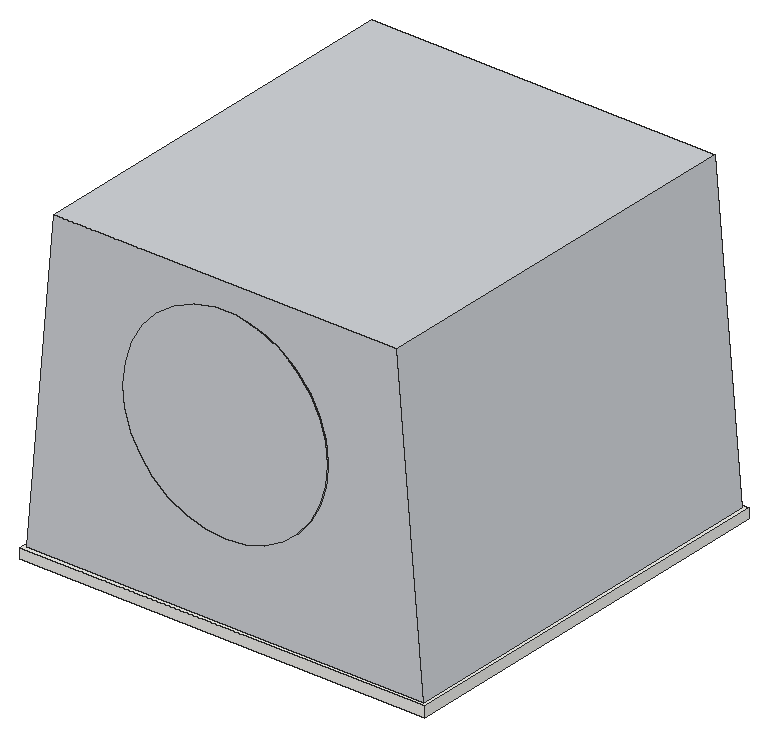
Revit family "MADEL_DIFFUSER_CONCAVE ELEMENTS_NEX-S+(BOXSTAR - BOXSTARS)– (1.D1)_0", category Air Terminals, Revit 2015 (continued)
Definition of nested family "(R) NEX-S"
  Definition of nested family "(R) NEX-S 500"
    Automatic sketch dimensions
      Extrusion 2 sketch curve to plane 4 = 27.246 mm
      Extrusion 2 sketch curve to Extrusion 2 sketch curve = 57.571 mm  (x2)
      plane 1 "Centro (Frontal/Posterior)" to Extrusion 2 sketch curve = 35.521 mm
      Extrusion 2 sketch curve to Extrusion 2 sketch curve = 23.902 mm
      Extrusion 2 sketch curve to Extrusion 2 sketch curve = 61.432 mm  (x2)
      plane 1 "Centro (Frontal/Posterior)" to Extrusion 2 sketch curve = 15.572 mm
      Extrusion 2 sketch curve to Extrusion 2 sketch curve = 4.045 mm
      Extrusion 2 sketch curve to Extrusion 2 sketch curve = 25.171 mm  (x2)
      Extrusion 2 sketch curve to plane 1 "Centro (Frontal/Posterior)" = 25.094 mm
      Extrusion 2 sketch curve to Extrusion 2 sketch curve = 26.607 mm  (x2)
      plane 1 "Centro (Frontal/Posterior)" to Extrusion 2 sketch curve = 14.419 mm
      Extrusion 2 sketch curve to Extrusion 2 sketch curve = 29.978 mm  (x2)
      Extrusion 2 sketch curve to Extrusion 2 sketch curve = 22.21 mm  (x2)
      Extrusion 2 sketch curve to Extrusion 2 sketch curve = 33.291 mm  (x2)
      Extrusion 2 sketch curve to plane 4 = 25.886 mm
      plane 1 "Centro (Frontal/Posterior)" to Extrusion 2 sketch curve = 21.986 mm
      Extrusion 2 sketch curve to plane 6 = 27.246 mm
      Extrusion 2 sketch curve to plane 6 = 25.886 mm
      Extrusion 2 sketch curve to plane 6 = 24.947 mm
      Extrusion 2 sketch curve to plane 5 = 24.947 mm
      Extrusion 2 sketch curve to plane 5 = 51.036 mm
      Extrusion 2 sketch curve to plane 5 = 55.916 mm
      plane 1 "Centro (Frontal/Posterior)" to Extrusion 2 sketch curve = 35.194 mm
      plane 1 "Centro (Frontal/Posterior)" to Extrusion 2 sketch curve = 27.279 mm
      Extrusion 2 sketch curve to plane 1 "Centro (Frontal/Posterior)" = 16.823 mm
      Extrusion 2 sketch curve to plane 1 "Centro (Frontal/Posterior)" = 27.279 mm
      Extrusion 2 sketch curve to plane 1 "Centro (Frontal/Posterior)" = 32.49 mm
      Extrusion 2 sketch curve to plane 1 "Centro (Frontal/Posterior)" = 32.73 mm
      Extrusion 2 sketch curve to Extrusion 2 sketch curve = 9.889 mm
      Extrusion 1 sketch curve to plane 7 = 24.947 mm
      Extrusion 1 sketch curve to plane 7 = 25.886 mm
      Extrusion 1 sketch curve to plane 7 = 27.246 mm
      Extrusion 1 sketch curve to Extrusion 1 sketch curve = 20.341 mm  (x2)
      Extrusion 1 sketch curve to plane 1 "Centro (Frontal/Posterior)" = 21.986 mm
      Extrusion 1 sketch curve to plane 7 = 51.036 mm
      Extrusion 1 sketch curve to Extrusion 1 sketch curve = 29.991 mm  (x2)
      Extrusion 1 sketch curve to plane 7 = 55.916 mm
      Extrusion 1 sketch curve to plane 5 = 25.886 mm
      Extrusion 1 sketch curve to Extrusion 1 sketch curve = 12.373 mm  (x2)
      Extrusion 1 sketch curve to Extrusion 1 sketch curve = 25.85 mm  (x2)
      Extrusion 1 sketch curve to Extrusion 1 sketch curve = 23.393 mm  (x2)
      Extrusion 1 sketch curve to plane 1 "Centro (Frontal/Posterior)" = 14.419 mm
      Extrusion 1 sketch curve to Extrusion 1 sketch curve = 29.03 mm  (x2)
      Extrusion 1 sketch curve to Extrusion 1 sketch curve = 25.609 mm  (x3)
      plane 1 "Centro (Frontal/Posterior)" to Extrusion 1 sketch curve = 25.094 mm
      Extrusion 1 sketch curve to Extrusion 1 sketch curve = 28.499 mm  (x3)
      Extrusion 1 sketch curve to Extrusion 1 sketch curve = 4.806 mm  (x2)
      Extrusion 1 sketch curve to Extrusion 1 sketch curve = 17.664 mm  (x2)
      Extrusion 1 sketch curve to Extrusion 1 sketch curve = 22.051 mm  (x3)
      Extrusion 1 sketch curve to Extrusion 1 sketch curve = 19.995 mm  (x3)
      Extrusion 1 sketch curve to Extrusion 1 sketch curve = 15.626 mm  (x3)
      Extrusion 1 sketch curve to Extrusion 1 sketch curve = 15.225 mm  (x3)
      Extrusion 1 sketch curve to plane 1 "Centro (Frontal/Posterior)" = 15.572 mm
      Extrusion 1 sketch curve to Extrusion 1 sketch curve = 22.365 mm  (x3)
      Extrusion 1 sketch curve to Extrusion 1 sketch curve = 39.128 mm  (x2)
      Extrusion 1 sketch curve to Extrusion 1 sketch curve = 21.252 mm  (x4)
      Extrusion 1 sketch curve to plane 1 "Centro (Frontal/Posterior)" = 35.521 mm
      Extrusion 1 sketch curve to Extrusion 1 sketch curve = 39.517 mm  (x2)
      Extrusion 1 sketch curve to Extrusion 1 sketch curve = 13.437 mm  (x4)
      Extrusion 1 sketch curve to plane 5 = 27.246 mm
      Extrusion 1 sketch curve to Extrusion 1 sketch curve = 62.379 mm  (x3)
      Extrusion 1 sketch curve to Extrusion 1 sketch curve = 45.154 mm
      Extrusion 1 sketch curve to Extrusion 1 sketch curve = 23.893 mm  (x3)
      plane 1 "Centro (Frontal/Posterior)" to Extrusion 1 sketch curve = 32.73 mm
      Extrusion 1 sketch curve to plane 3 "Centro (Izquierda/Derecha)" = 56.064 mm
      Extrusion 1 sketch curve to plane 3 "Centro (Izquierda/Derecha)" = 47.731 mm
      Extrusion 1 sketch curve to plane 3 "Centro (Izquierda/Derecha)" = 45.42 mm
      Extrusion 1 sketch curve to Extrusion 1 sketch curve = 9.9 mm  (x3)
      Extrusion 1 sketch curve to plane 3 "Centro (Izquierda/Derecha)" = 35.194 mm
      Extrusion 1 sketch curve to Extrusion 1 sketch curve = 0.728 mm  (x2)
      Extrusion 1 sketch curve to plane 3 "Centro (Izquierda/Derecha)" = 32.73 mm
      Extrusion 1 sketch curve to Extrusion 1 sketch curve = 28.119 mm  (x3)
      Extrusion 1 sketch curve to plane 3 "Centro (Izquierda/Derecha)" = 27.279 mm
      Extrusion 1 sketch curve to plane 3 "Centro (Izquierda/Derecha)" = 25.094 mm
      Extrusion 1 sketch curve to plane 3 "Centro (Izquierda/Derecha)" = 21.986 mm
      Extrusion 1 sketch curve to plane 3 "Centro (Izquierda/Derecha)" = 16.823 mm
      Extrusion 1 sketch curve to plane 3 "Centro (Izquierda/Derecha)" = 15.572 mm
      Extrusion 1 sketch curve to plane 3 "Centro (Izquierda/Derecha)" = 14.419 mm
      plane 3 "Centro (Izquierda/Derecha)" to Extrusion 1 sketch curve = 14.419 mm
      plane 3 "Centro (Izquierda/Derecha)" to Extrusion 1 sketch curve = 15.572 mm
      plane 3 "Centro (Izquierda/Derecha)" to Extrusion 1 sketch curve = 16.823 mm
      plane 3 "Centro (Izquierda/Derecha)" to Extrusion 1 sketch curve = 21.986 mm
      plane 3 "Centro (Izquierda/Derecha)" to Extrusion 1 sketch curve = 25.094 mm
      plane 3 "Centro (Izquierda/Derecha)" to Extrusion 1 sketch curve = 27.279 mm
      plane 3 "Centro (Izquierda/Derecha)" to Extrusion 1 sketch curve = 32.49 mm
      plane 3 "Centro (Izquierda/Derecha)" to Extrusion 1 sketch curve = 32.73 mm
      Extrusion 1 sketch curve to Extrusion 1 sketch curve = 9.372 mm  (x2)
      plane 3 "Centro (Izquierda/Derecha)" to Extrusion 1 sketch curve = 35.521 mm
      Extrusion 1 sketch curve to Extrusion 1 sketch curve = 33.312 mm  (x2)
      Extrusion 1 sketch curve to Extrusion 1 sketch curve = 39.241 mm  (x2)
      Extrusion 1 sketch curve to Extrusion 1 sketch curve = 41.883 mm
      Extrusion 1 sketch curve to plane 4 = 27.246 mm
      Extrusion 1 sketch curve to Extrusion 1 sketch curve = 57.571 mm  (x2)
      plane 1 "Centro (Frontal/Posterior)" to Extrusion 1 sketch curve = 35.521 mm
      Extrusion 1 sketch curve to Extrusion 1 sketch curve = 23.902 mm
      Extrusion 1 sketch curve to Extrusion 1 sketch curve = 61.432 mm  (x2)
      plane 1 "Centro (Frontal/Posterior)" to Extrusion 1 sketch curve = 15.572 mm
      Extrusion 1 sketch curve to Extrusion 1 sketch curve = 4.045 mm
      Extrusion 1 sketch curve to Extrusion 1 sketch curve = 25.171 mm  (x2)
      Extrusion 1 sketch curve to plane 1 "Centro (Frontal/Posterior)" = 25.094 mm
      Extrusion 1 sketch curve to Extrusion 1 sketch curve = 26.607 mm  (x2)
      plane 1 "Centro (Frontal/Posterior)" to Extrusion 1 sketch curve = 14.419 mm
      Extrusion 1 sketch curve to Extrusion 1 sketch curve = 29.978 mm  (x2)
      Extrusion 1 sketch curve to Extrusion 1 sketch curve = 22.21 mm  (x2)
      Extrusion 1 sketch curve to Extrusion 1 sketch curve = 33.291 mm  (x2)
      Extrusion 1 sketch curve to plane 4 = 25.886 mm
      plane 1 "Centro (Frontal/Posterior)" to Extrusion 1 sketch curve = 21.986 mm
      Extrusion 1 sketch curve to plane 6 = 27.246 mm
      Extrusion 1 sketch curve to plane 6 = 25.886 mm
      Extrusion 1 sketch curve to plane 6 = 24.947 mm
      Extrusion 1 sketch curve to plane 5 = 24.947 mm
      Extrusion 1 sketch curve to plane 5 = 51.036 mm
      Extrusion 1 sketch curve to plane 5 = 55.916 mm
      plane 1 "Centro (Frontal/Posterior)" to Extrusion 1 sketch curve = 35.194 mm
      plane 1 "Centro (Frontal/Posterior)" to Extrusion 1 sketch curve = 27.279 mm
      Extrusion 1 sketch curve to plane 1 "Centro (Frontal/Posterior)" = 16.823 mm
      Extrusion 1 sketch curve to plane 1 "Centro (Frontal/Posterior)" = 27.279 mm
      Extrusion 1 sketch curve to plane 1 "Centro (Frontal/Posterior)" = 32.49 mm
      Extrusion 1 sketch curve to plane 1 "Centro (Frontal/Posterior)" = 32.73 mm
      Extrusion 1 sketch curve to Extrusion 1 sketch curve = 9.889 mm
  Definition of nested family "(R) NEX-S 400"
    Parameters (values of type "400")
      Material Rejilla = none
      Material Aletas = none
      E = 395.0 mm
    Reference planes
      plane 1 "Centro (Frontal/Posterior)": y = 0
      plane 2: z = 0
      plane 3 "Centro (Izquierda/Derecha)": x = 0
      plane 4: y = 197.5
      plane 5: y = -197.5
      plane 6: x = 197.5
      plane 7: x = -197.5
      plane 8: z = 10
      plane 9: z = 30
    Forms (mm)
      Extrusion 1, solid, material <- "Material Rejilla"
        sketch origin (0, 0, 0) x (1, 0, 0) y (0, 1, 0)
          loop
            line (-197.5, 197.5) -> (-197.5, -197.5) -> (197.5, -197.5) -> (197.5, 197.5) -> (-197.5, 197.5)
          loop
            line (-160.828, -32.835) -> (-102.684, -20.903)
            arc (-102.684, -20.903) -> (-136.906, -1.777) -> (-160.828, -32.835) r 30
          loop
            line (-74.962, -55.308) -> (-27.247, -20.004)
            arc (-27.247, -20.004) -> (-66.339, -17.065) -> (-74.962, -55.308) r 30
          loop
            line (-164.855, -92.651) -> (-113.194, -63.426)
            arc (-113.194, -63.426) -> (-151.637, -55.744) -> (-164.855, -92.651) r 30
          loop
            line (-8.609, -105.453) -> (-3.743, -46.297)
            arc (-3.743, -46.297) -> (-31.704, -73.775) -> (-8.609, -105.453) r 30
          loop
            line (-87.953, -120.233) -> (-53.062, -72.215)
            arc (-53.062, -72.215) -> (-91.229, -81.167) -> (-87.953, -120.233) r 30
          loop
            line (-148.41, -168.001) -> (-110.494, -122.334)
            arc (-110.494, -122.334) -> (-149.159, -128.805) -> (-148.41, -168.001) r 30
          loop
            line (-43.135, -169.386) -> (-28.371, -111.896)
            arc (-28.371, -111.896) -> (-60.562, -134.27) -> (-43.135, -169.386) r 30
          loop
            line (-32.835, 160.828) -> (-20.903, 102.684)
            arc (-20.903, 102.684) -> (-1.777, 136.906) -> (-32.835, 160.828) r 30
          loop
            line (-55.308, 74.962) -> (-20.004, 27.247)
            arc (-20.004, 27.247) -> (-17.065, 66.339) -> (-55.308, 74.962) r 30
          loop
            line (-92.651, 164.855) -> (-63.426, 113.194)
            arc (-63.426, 113.194) -> (-55.744, 151.637) -> (-92.651, 164.855) r 30
          loop
            line (-105.453, 8.609) -> (-46.297, 3.743)
            arc (-46.297, 3.743) -> (-73.775, 31.704) -> (-105.453, 8.609) r 30
          loop
            line (-120.233, 87.953) -> (-72.215, 53.062)
            arc (-72.215, 53.062) -> (-81.167, 91.229) -> (-120.233, 87.953) r 30
          loop
            line (-168.001, 148.41) -> (-122.334, 110.494)
            arc (-122.334, 110.494) -> (-128.805, 149.159) -> (-168.001, 148.41) r 30
          loop
            line (-169.386, 43.135) -> (-111.896, 28.371)
            arc (-111.896, 28.371) -> (-134.27, 60.562) -> (-169.386, 43.135) r 30
          loop
            line (160.828, 32.835) -> (102.684, 20.903)
            arc (102.684, 20.903) -> (136.906, 1.777) -> (160.828, 32.835) r 30
          loop
            line (74.962, 55.308) -> (27.247, 20.004)
            arc (27.247, 20.004) -> (66.339, 17.065) -> (74.962, 55.308) r 30
          loop
            line (164.855, 92.651) -> (113.194, 63.426)
            arc (113.194, 63.426) -> (151.637, 55.744) -> (164.855, 92.651) r 30
          loop
            line (8.609, 105.453) -> (3.743, 46.297)
            arc (3.743, 46.297) -> (31.704, 73.775) -> (8.609, 105.453) r 30
          loop
            line (87.953, 120.233) -> (53.062, 72.215)
            arc (53.062, 72.215) -> (91.229, 81.167) -> (87.953, 120.233) r 30
          loop
            line (148.41, 168.001) -> (110.494, 122.334)
            arc (110.494, 122.334) -> (149.159, 128.805) -> (148.41, 168.001) r 30
          loop
            line (43.135, 169.386) -> (28.371, 111.896)
            arc (28.371, 111.896) -> (60.562, 134.27) -> (43.135, 169.386) r 30
          loop
            line (32.835, -160.828) -> (20.903, -102.684)
            arc (20.903, -102.684) -> (1.777, -136.906) -> (32.835, -160.828) r 30
          loop
            line (55.308, -74.962) -> (20.004, -27.247)
            arc (20.004, -27.247) -> (17.065, -66.339) -> (55.308, -74.962) r 30
          loop
            line (92.651, -164.855) -> (63.426, -113.194)
            arc (63.426, -113.194) -> (55.744, -151.637) -> (92.651, -164.855) r 30
          loop
            line (105.453, -8.609) -> (46.297, -3.743)
            arc (46.297, -3.743) -> (73.775, -31.704) -> (105.453, -8.609) r 30
          loop
            line (120.233, -87.953) -> (72.215, -53.062)
            arc (72.215, -53.062) -> (81.167, -91.229) -> (120.233, -87.953) r 30
          loop
            line (168.001, -148.41) -> (122.334, -110.494)
            arc (122.334, -110.494) -> (128.805, -149.159) -> (168.001, -148.41) r 30
          loop
            line (169.386, -43.135) -> (111.896, -28.371)
            arc (111.896, -28.371) -> (134.27, -60.562) -> (169.386, -43.135) r 30
        from 0 to 10
      Extrusion 2, solid, material <- "Material Aletas"
        sketch origin (0, 0, 0) x (1, 0, 0) y (0, 1, 0)
          loop
            line (-160.828, -32.835) -> (-102.684, -20.903)
            arc (-102.684, -20.903) -> (-136.906, -1.777) -> (-160.828, -32.835) r 30
          loop
            line (-74.962, -55.308) -> (-27.247, -20.004)
            arc (-27.247, -20.004) -> (-66.339, -17.065) -> (-74.962, -55.308) r 30
          loop
            line (-164.855, -92.651) -> (-113.194, -63.426)
            arc (-113.194, -63.426) -> (-151.637, -55.744) -> (-164.855, -92.651) r 30
          loop
            line (-8.732, -106.942) -> (-3.851, -47.609)
            arc (-3.851, -47.609) -> (-32.471, -75.122) -> (-8.732, -106.942) r 30
          loop
            line (-87.953, -120.233) -> (-53.062, -72.215)
            arc (-53.062, -72.215) -> (-91.229, -81.167) -> (-87.953, -120.233) r 30
          loop
            line (-148.41, -168.001) -> (-110.494, -122.334)
            arc (-110.494, -122.334) -> (-149.159, -128.805) -> (-148.41, -168.001) r 30
          loop
            line (-43.135, -169.386) -> (-28.371, -111.896)
            arc (-28.371, -111.896) -> (-60.562, -134.27) -> (-43.135, -169.386) r 30
          loop
            line (-32.835, 160.828) -> (-20.903, 102.684)
            arc (-20.903, 102.684) -> (-1.777, 136.906) -> (-32.835, 160.828) r 30
          loop
            line (-55.308, 74.962) -> (-20.004, 27.247)
            arc (-20.004, 27.247) -> (-17.065, 66.339) -> (-55.308, 74.962) r 30
          loop
            line (-92.651, 164.855) -> (-63.426, 113.194)
            arc (-63.426, 113.194) -> (-55.744, 151.637) -> (-92.651, 164.855) r 30
          loop
            line (-105.453, 8.609) -> (-46.297, 3.743)
            arc (-46.297, 3.743) -> (-73.775, 31.704) -> (-105.453, 8.609) r 30
          loop
            line (-120.233, 87.953) -> (-72.215, 53.062)
            arc (-72.215, 53.062) -> (-81.167, 91.229) -> (-120.233, 87.953) r 30
          loop
            line (-168.001, 148.41) -> (-122.334, 110.494)
            arc (-122.334, 110.494) -> (-128.805, 149.159) -> (-168.001, 148.41) r 30
          loop
            line (-169.386, 43.135) -> (-111.896, 28.371)
            arc (-111.896, 28.371) -> (-134.27, 60.562) -> (-169.386, 43.135) r 30
          loop
            line (160.828, 32.835) -> (102.684, 20.903)
            arc (102.684, 20.903) -> (136.906, 1.777) -> (160.828, 32.835) r 30
          loop
            line (74.962, 55.308) -> (27.247, 20.004)
            arc (27.247, 20.004) -> (66.339, 17.065) -> (74.962, 55.308) r 30
          loop
            line (164.855, 92.651) -> (113.194, 63.426)
            arc (113.194, 63.426) -> (151.637, 55.744) -> (164.855, 92.651) r 30
          loop
            line (8.609, 105.453) -> (3.743, 46.297)
            arc (3.743, 46.297) -> (31.704, 73.775) -> (8.609, 105.453) r 30
          loop
            line (87.953, 120.233) -> (53.062, 72.215)
            arc (53.062, 72.215) -> (91.229, 81.167) -> (87.953, 120.233) r 30
          loop
            line (148.41, 168.001) -> (110.494, 122.334)
            arc (110.494, 122.334) -> (149.159, 128.805) -> (148.41, 168.001) r 30
          loop
            line (43.135, 169.386) -> (28.371, 111.896)
            arc (28.371, 111.896) -> (60.562, 134.27) -> (43.135, 169.386) r 30
          loop
            line (32.835, -160.828) -> (20.903, -102.684)
            arc (20.903, -102.684) -> (1.777, -136.906) -> (32.835, -160.828) r 30
          loop
            line (55.308, -74.962) -> (20.004, -27.247)
            arc (20.004, -27.247) -> (17.065, -66.339) -> (55.308, -74.962) r 30
          loop
            line (92.651, -164.855) -> (63.426, -113.194)
            arc (63.426, -113.194) -> (55.744, -151.637) -> (92.651, -164.855) r 30
          loop
            line (105.453, -8.609) -> (46.297, -3.743)
            arc (46.297, -3.743) -> (73.775, -31.704) -> (105.453, -8.609) r 30
          loop
            line (120.233, -87.953) -> (72.215, -53.062)
            arc (72.215, -53.062) -> (81.167, -91.229) -> (120.233, -87.953) r 30
          loop
            line (168.001, -148.41) -> (122.334, -110.494)
            arc (122.334, -110.494) -> (128.805, -149.159) -> (168.001, -148.41) r 30
          loop
            line (169.386, -43.135) -> (111.896, -28.371)
            arc (111.896, -28.371) -> (134.27, -60.562) -> (169.386, -43.135) r 30
        from 0 to 30
    Dimensions and locks
      equal spacing: plane 7, plane 3 "Centro (Izquierda/Derecha)", plane 6
      "E": plane 7 to plane 6
      equal spacing: plane 5, plane 1 "Centro (Frontal/Posterior)", plane 4
      "E": plane 5 to plane 4
      locked: plane 8 to plane 2 at 10
      locked: plane 9 to plane 8 at 20
      aligned and locked: level to plane 2
      aligned and locked: Extrusion 1 to plane 8
      aligned and locked: plane 9 to Extrusion 2
      aligned and locked: Extrusion 1 to plane 2
      aligned and locked: Extrusion 2 to plane 2
    Automatic sketch dimensions
      Extrusion 2 sketch curve to plane 7 = 28.114 mm
      Extrusion 2 sketch curve to plane 7 = 29.499 mm
      Extrusion 2 sketch curve to plane 7 = 32.645 mm
      Extrusion 2 sketch curve to plane 7 = 36.672 mm
      Extrusion 2 sketch curve to plane 7 = 49.09 mm
      Extrusion 2 sketch curve to Extrusion 2 sketch curve = 20.031 mm  (x2)
      Extrusion 2 sketch curve to Extrusion 2 sketch curve = 27.654 mm  (x2)
      Extrusion 2 sketch curve to Extrusion 2 sketch curve = 27.99 mm  (x3)
      Extrusion 2 sketch curve to Extrusion 2 sketch curve = 29.953 mm  (x3)
      Extrusion 2 sketch curve to Extrusion 2 sketch curve = 22.333 mm  (x3)
      Extrusion 2 sketch curve to Extrusion 2 sketch curve = 25.635 mm  (x3)
      Extrusion 2 sketch curve to Extrusion 2 sketch curve = 2.101 mm  (x4)
      Extrusion 2 sketch curve to Extrusion 2 sketch curve = 23.671 mm  (x2)
      Extrusion 2 sketch curve to plane 1 "Centro (Frontal/Posterior)" = 28.371 mm
      Extrusion 2 sketch curve to Extrusion 2 sketch curve = 29.836 mm  (x3)
      Extrusion 2 sketch curve to Extrusion 2 sketch curve = 15.584 mm  (x3)
      Extrusion 2 sketch curve to plane 1 "Centro (Frontal/Posterior)" = 8.609 mm
      Extrusion 2 sketch curve to Extrusion 2 sketch curve = 6.443 mm  (x3)
      plane 1 "Centro (Frontal/Posterior)" to Extrusion 2 sketch curve = 20.903 mm
      Extrusion 2 sketch curve to Extrusion 2 sketch curve = 2.769 mm  (x2)
      Extrusion 2 sketch curve to Extrusion 2 sketch curve = 21.431 mm  (x3)
      Extrusion 2 sketch curve to plane 4 = 32.645 mm
      Extrusion 2 sketch curve to Extrusion 2 sketch curve = 29.683 mm  (x2)
      Extrusion 2 sketch curve to Extrusion 2 sketch curve = 22.541 mm  (x4)
      Extrusion 2 sketch curve to Extrusion 2 sketch curve = 10.795 mm  (x3)
      Extrusion 2 sketch curve to plane 1 "Centro (Frontal/Posterior)" = 1.805 mm
      Extrusion 2 sketch curve to Extrusion 2 sketch curve = 29.218 mm
      Extrusion 2 sketch curve to Extrusion 2 sketch curve = 38.232 mm  (x4)
      Extrusion 2 sketch curve to Extrusion 2 sketch curve = 26.587 mm  (x3)
      Extrusion 2 sketch curve to Extrusion 2 sketch curve = 20.993 mm  (x3)
      Extrusion 2 sketch curve to Extrusion 2 sketch curve = 18.43 mm  (x3)
      Extrusion 2 sketch curve to Extrusion 2 sketch curve = 16.908 mm  (x4)
      Extrusion 2 sketch curve to Extrusion 2 sketch curve = 21.9 mm  (x3)
      Extrusion 2 sketch curve to Extrusion 2 sketch curve = 26.466 mm  (x2)
      Extrusion 2 sketch curve to plane 1 "Centro (Frontal/Posterior)" = 3.743 mm
      Extrusion 2 sketch curve to plane 3 "Centro (Izquierda/Derecha)" = 43.135 mm
      Extrusion 2 sketch curve to Extrusion 2 sketch curve = 14.126 mm  (x3)
      Extrusion 2 sketch curve to plane 3 "Centro (Izquierda/Derecha)" = 32.835 mm
      Extrusion 2 sketch curve to Extrusion 2 sketch curve = 11.63 mm  (x2)
      Extrusion 2 sketch curve to Extrusion 2 sketch curve = 1.67 mm  (x2)
      Extrusion 2 sketch curve to plane 3 "Centro (Izquierda/Derecha)" = 28.371 mm
      Extrusion 2 sketch curve to plane 3 "Centro (Izquierda/Derecha)" = 27.247 mm
      Extrusion 2 sketch curve to plane 3 "Centro (Izquierda/Derecha)" = 20.903 mm
      Extrusion 2 sketch curve to plane 3 "Centro (Izquierda/Derecha)" = 20.004 mm
      Extrusion 2 sketch curve to plane 3 "Centro (Izquierda/Derecha)" = 8.732 mm
      Extrusion 2 sketch curve to plane 3 "Centro (Izquierda/Derecha)" = 3.851 mm
      Extrusion 2 sketch curve to plane 3 "Centro (Izquierda/Derecha)" = 2.572 mm
      plane 3 "Centro (Izquierda/Derecha)" to Extrusion 2 sketch curve = 1.805 mm
      plane 3 "Centro (Izquierda/Derecha)" to Extrusion 2 sketch curve = 3.743 mm
      plane 3 "Centro (Izquierda/Derecha)" to Extrusion 2 sketch curve = 8.609 mm
      plane 3 "Centro (Izquierda/Derecha)" to Extrusion 2 sketch curve = 20.004 mm
      plane 3 "Centro (Izquierda/Derecha)" to Extrusion 2 sketch curve = 20.903 mm
      plane 3 "Centro (Izquierda/Derecha)" to Extrusion 2 sketch curve = 27.247 mm
      Extrusion 2 sketch curve to Extrusion 2 sketch curve = 19.762 mm
      Extrusion 2 sketch curve to Extrusion 2 sketch curve = 10.262 mm  (x2)
      Extrusion 2 sketch curve to Extrusion 2 sketch curve = 3.134 mm  (x2)
      Extrusion 2 sketch curve to Extrusion 2 sketch curve = 21.177 mm  (x2)
      plane 1 "Centro (Frontal/Posterior)" to Extrusion 2 sketch curve = 3.743 mm
      Extrusion 2 sketch curve to Extrusion 2 sketch curve = 19.051 mm  (x2)
      Extrusion 2 sketch curve to Extrusion 2 sketch curve = 21.249 mm  (x2)
      Extrusion 2 sketch curve to Extrusion 2 sketch curve = 4.566 mm
      Extrusion 2 sketch curve to Extrusion 2 sketch curve = 32.261 mm  (x2)
      Extrusion 2 sketch curve to Extrusion 2 sketch curve = 13.897 mm  (x2)
      plane 1 "Centro (Frontal/Posterior)" to Extrusion 2 sketch curve = 1.805 mm
      Extrusion 2 sketch curve to Extrusion 2 sketch curve = 29.937 mm  (x2)
      Extrusion 2 sketch curve to plane 5 = 32.645 mm
      Extrusion 2 sketch curve to plane 1 "Centro (Frontal/Posterior)" = 20.903 mm
      Extrusion 2 sketch curve to Extrusion 2 sketch curve = 26.45 mm
      plane 1 "Centro (Frontal/Posterior)" to Extrusion 2 sketch curve = 8.609 mm
      plane 1 "Centro (Frontal/Posterior)" to Extrusion 2 sketch curve = 28.371 mm
      Extrusion 2 sketch curve to Extrusion 2 sketch curve = 28.19 mm  (x2)
      Extrusion 2 sketch curve to plane 6 = 29.499 mm
      Extrusion 2 sketch curve to plane 6 = 28.114 mm
      Extrusion 2 sketch curve to plane 5 = 29.499 mm
      Extrusion 2 sketch curve to plane 5 = 28.114 mm
      Extrusion 2 sketch curve to plane 5 = 36.672 mm
      Extrusion 2 sketch curve to plane 5 = 49.09 mm
      Extrusion 2 sketch curve to Extrusion 2 sketch curve = 4.954 mm
      Extrusion 2 sketch curve to Extrusion 2 sketch curve = 29.361 mm
      plane 1 "Centro (Frontal/Posterior)" to Extrusion 2 sketch curve = 43.135 mm
      plane 1 "Centro (Frontal/Posterior)" to Extrusion 2 sketch curve = 32.835 mm
      Extrusion 2 sketch curve to plane 1 "Centro (Frontal/Posterior)" = 20.004 mm
      Extrusion 2 sketch curve to plane 1 "Centro (Frontal/Posterior)" = 27.247 mm
      plane 5 to Extrusion 1 sketch curve = 0.0 mm
      Extrusion 1 sketch curve to plane 7 = 0.0 mm
      Extrusion 1 sketch curve to plane 4 = 0.0 mm
      Extrusion 1 sketch curve to plane 6 = 0.0 mm
      Extrusion 1 sketch curve to plane 7 = 28.114 mm
      Extrusion 1 sketch curve to plane 7 = 29.499 mm
      Extrusion 1 sketch curve to plane 7 = 32.645 mm
      Extrusion 1 sketch curve to plane 7 = 36.672 mm
      Extrusion 1 sketch curve to plane 7 = 49.09 mm
      Extrusion 1 sketch curve to Extrusion 1 sketch curve = 20.031 mm  (x2)
      Extrusion 1 sketch curve to Extrusion 1 sketch curve = 27.654 mm  (x2)
      Extrusion 1 sketch curve to Extrusion 1 sketch curve = 27.99 mm  (x3)
      Extrusion 1 sketch curve to Extrusion 1 sketch curve = 29.953 mm  (x3)
      Extrusion 1 sketch curve to Extrusion 1 sketch curve = 22.333 mm  (x3)
      Extrusion 1 sketch curve to Extrusion 1 sketch curve = 25.635 mm  (x3)
      Extrusion 1 sketch curve to Extrusion 1 sketch curve = 2.101 mm  (x4)
      Extrusion 1 sketch curve to Extrusion 1 sketch curve = 23.671 mm  (x2)
      Extrusion 1 sketch curve to plane 1 "Centro (Frontal/Posterior)" = 28.371 mm
      Extrusion 1 sketch curve to Extrusion 1 sketch curve = 29.836 mm  (x3)
      Extrusion 1 sketch curve to Extrusion 1 sketch curve = 15.584 mm  (x3)
      Extrusion 1 sketch curve to plane 1 "Centro (Frontal/Posterior)" = 8.609 mm
      Extrusion 1 sketch curve to Extrusion 1 sketch curve = 6.443 mm  (x4)
      plane 1 "Centro (Frontal/Posterior)" to Extrusion 1 sketch curve = 20.903 mm
      Extrusion 1 sketch curve to Extrusion 1 sketch curve = 2.769 mm  (x2)
      Extrusion 1 sketch curve to Extrusion 1 sketch curve = 21.431 mm  (x3)
      Extrusion 1 sketch curve to plane 4 = 32.645 mm
      Extrusion 1 sketch curve to Extrusion 1 sketch curve = 29.683 mm  (x2)
      Extrusion 1 sketch curve to Extrusion 1 sketch curve = 22.541 mm  (x4)
      Extrusion 1 sketch curve to Extrusion 1 sketch curve = 10.795 mm  (x3)
      Extrusion 1 sketch curve to plane 1 "Centro (Frontal/Posterior)" = 1.805 mm
      Extrusion 1 sketch curve to Extrusion 1 sketch curve = 29.218 mm  (x2)
      Extrusion 1 sketch curve to Extrusion 1 sketch curve = 38.232 mm  (x4)
      Extrusion 1 sketch curve to Extrusion 1 sketch curve = 26.587 mm  (x3)
      Extrusion 1 sketch curve to Extrusion 1 sketch curve = 20.993 mm  (x3)
      Extrusion 1 sketch curve to Extrusion 1 sketch curve = 18.43 mm  (x3)
      Extrusion 1 sketch curve to Extrusion 1 sketch curve = 16.908 mm  (x4)
      Extrusion 1 sketch curve to Extrusion 1 sketch curve = 21.9 mm  (x3)
      Extrusion 1 sketch curve to Extrusion 1 sketch curve = 26.466 mm  (x2)
      Extrusion 1 sketch curve to plane 1 "Centro (Frontal/Posterior)" = 3.743 mm
      Extrusion 1 sketch curve to plane 3 "Centro (Izquierda/Derecha)" = 43.135 mm
      Extrusion 1 sketch curve to Extrusion 1 sketch curve = 14.126 mm  (x3)
      Extrusion 1 sketch curve to plane 3 "Centro (Izquierda/Derecha)" = 32.835 mm
      Extrusion 1 sketch curve to Extrusion 1 sketch curve = 11.63 mm  (x2)
      Extrusion 1 sketch curve to Extrusion 1 sketch curve = 1.67 mm  (x2)
      Extrusion 1 sketch curve to plane 3 "Centro (Izquierda/Derecha)" = 28.371 mm
      Extrusion 1 sketch curve to plane 3 "Centro (Izquierda/Derecha)" = 27.247 mm
      Extrusion 1 sketch curve to plane 3 "Centro (Izquierda/Derecha)" = 20.903 mm
      Extrusion 1 sketch curve to plane 3 "Centro (Izquierda/Derecha)" = 20.004 mm
      Extrusion 1 sketch curve to plane 3 "Centro (Izquierda/Derecha)" = 8.609 mm
      Extrusion 1 sketch curve to plane 3 "Centro (Izquierda/Derecha)" = 3.743 mm
      Extrusion 1 sketch curve to plane 3 "Centro (Izquierda/Derecha)" = 1.805 mm
      plane 3 "Centro (Izquierda/Derecha)" to Extrusion 1 sketch curve = 1.805 mm
      plane 3 "Centro (Izquierda/Derecha)" to Extrusion 1 sketch curve = 3.743 mm
      plane 3 "Centro (Izquierda/Derecha)" to Extrusion 1 sketch curve = 8.609 mm
      plane 3 "Centro (Izquierda/Derecha)" to Extrusion 1 sketch curve = 20.004 mm
      plane 3 "Centro (Izquierda/Derecha)" to Extrusion 1 sketch curve = 20.903 mm
      plane 3 "Centro (Izquierda/Derecha)" to Extrusion 1 sketch curve = 27.247 mm
      Extrusion 1 sketch curve to Extrusion 1 sketch curve = 19.762 mm
      Extrusion 1 sketch curve to Extrusion 1 sketch curve = 10.262 mm  (x2)
      Extrusion 1 sketch curve to Extrusion 1 sketch curve = 3.134 mm  (x2)
      Extrusion 1 sketch curve to Extrusion 1 sketch curve = 21.177 mm  (x2)
      plane 1 "Centro (Frontal/Posterior)" to Extrusion 1 sketch curve = 3.743 mm
      Extrusion 1 sketch curve to Extrusion 1 sketch curve = 19.051 mm  (x2)
      Extrusion 1 sketch curve to Extrusion 1 sketch curve = 21.249 mm  (x2)
      Extrusion 1 sketch curve to Extrusion 1 sketch curve = 4.566 mm
      Extrusion 1 sketch curve to Extrusion 1 sketch curve = 32.261 mm  (x2)
      Extrusion 1 sketch curve to Extrusion 1 sketch curve = 13.897 mm  (x2)
      plane 1 "Centro (Frontal/Posterior)" to Extrusion 1 sketch curve = 1.805 mm
      Extrusion 1 sketch curve to Extrusion 1 sketch curve = 29.937 mm  (x2)
      Extrusion 1 sketch curve to plane 5 = 32.645 mm
      Extrusion 1 sketch curve to plane 1 "Centro (Frontal/Posterior)" = 20.903 mm
      Extrusion 1 sketch curve to Extrusion 1 sketch curve = 26.45 mm
      plane 1 "Centro (Frontal/Posterior)" to Extrusion 1 sketch curve = 8.609 mm
      plane 1 "Centro (Frontal/Posterior)" to Extrusion 1 sketch curve = 28.371 mm
      Extrusion 1 sketch curve to Extrusion 1 sketch curve = 28.19 mm  (x2)
      Extrusion 1 sketch curve to plane 6 = 29.499 mm
      Extrusion 1 sketch curve to plane 6 = 28.114 mm
      Extrusion 1 sketch curve to plane 5 = 28.114 mm
      Extrusion 1 sketch curve to plane 5 = 29.499 mm
      Extrusion 1 sketch curve to plane 5 = 36.672 mm
      Extrusion 1 sketch curve to plane 5 = 49.09 mm
      plane 1 "Centro (Frontal/Posterior)" to Extrusion 1 sketch curve = 43.135 mm
      plane 1 "Centro (Frontal/Posterior)" to Extrusion 1 sketch curve = 32.835 mm
      Extrusion 1 sketch curve to plane 1 "Centro (Frontal/Posterior)" = 20.004 mm
      Extrusion 1 sketch curve to plane 1 "Centro (Frontal/Posterior)" = 27.247 mm
  Definition of nested family "(R) NEX-S 600"
    Parameters (values of type "600")
      Material Rejilla = none
      Material Aletas = none
      E = 595.0 mm
    Reference planes
      plane 1 "Centro (Frontal/Posterior)": y = 0
      plane 2: z = 0
      plane 3 "Centro (Izquierda/Derecha)": x = 0
      plane 4: y = 297.5
      plane 5: y = -297.5
      plane 6: x = 297.5
      plane 7: x = -297.5
      plane 8: z = 10
      plane 9: z = 30
    Forms (mm)
      Extrusion 1, solid, material <- "Material Rejilla"
        sketch origin (0, 0, 0) x (1, 0, 0) y (0, 1, 0)
          loop
            line (-297.5, 297.5) -> (-297.5, -297.5) -> (297.5, -297.5) -> (297.5, 297.5) -> (-297.5, 297.5)
          loop
            line (-144.898, -30.484) -> (-86.84, -18.146)
            arc (-86.84, -18.146) -> (-121.193, 0.74) -> (-144.898, -30.484) r 30
          loop
            line (-215.839, -146.014) -> (-166.629, -112.825)
            arc (-166.629, -112.825) -> (-205.556, -108.184) -> (-215.839, -146.014) r 30
          loop
            line (-116.502, -250) -> (-91.415, -196.207)
            arc (-91.415, -196.207) -> (-127.172, -212.277) -> (-116.502, -250) r 30
          loop
            line (-247.5, -114.596) -> (-129.68, -59.656)
            arc (-129.68, -59.656) -> (-212.006, -36.91) -> (-247.5, -114.596) r 65.83
          loop
            line (-109.542, -156.385) -> (-34.977, -49.895)
            arc (-34.977, -49.895) -> (-117.647, -71.36) -> (-109.542, -156.385) r 65.83
          loop
            line (-32.582, -250) -> (-16.739, -120.969)
            arc (-16.739, -120.969) -> (-79.655, -178.732) -> (-32.582, -250) r 65.83
          loop
            line (-216.763, -250) -> (-131.476, -151.888)
            arc (-131.476, -151.888) -> (-215.936, -164.594) -> (-216.763, -250) r 65.83
          loop
            line (-30.484, 144.898) -> (-18.146, 86.84)
            arc (-18.146, 86.84) -> (0.74, 121.193) -> (-30.484, 144.898) r 30
          loop
            line (-146.014, 215.839) -> (-112.825, 166.629)
            arc (-112.825, 166.629) -> (-108.184, 205.556) -> (-146.014, 215.839) r 30
          loop
            line (-250, 116.502) -> (-196.207, 91.415)
            arc (-196.207, 91.415) -> (-212.277, 127.172) -> (-250, 116.502) r 30
          loop
            line (-114.596, 247.5) -> (-59.656, 129.68)
            arc (-59.656, 129.68) -> (-36.91, 212.006) -> (-114.596, 247.5) r 65.83
          loop
            line (-156.385, 109.542) -> (-49.895, 34.977)
            arc (-49.895, 34.977) -> (-71.36, 117.647) -> (-156.385, 109.542) r 65.83
          loop
            line (-250, 32.582) -> (-120.969, 16.739)
            arc (-120.969, 16.739) -> (-178.732, 79.655) -> (-250, 32.582) r 65.83
          loop
            line (-250, 216.763) -> (-151.888, 131.476)
            arc (-151.888, 131.476) -> (-164.594, 215.936) -> (-250, 216.763) r 65.83
          loop
            line (144.898, 30.484) -> (86.84, 18.146)
            arc (86.84, 18.146) -> (121.193, -0.74) -> (144.898, 30.484) r 30
          loop
            line (215.839, 146.014) -> (166.629, 112.825)
            arc (166.629, 112.825) -> (205.556, 108.184) -> (215.839, 146.014) r 30
          loop
            line (116.502, 250) -> (91.415, 196.207)
            arc (91.415, 196.207) -> (127.172, 212.277) -> (116.502, 250) r 30
          loop
            line (247.5, 114.596) -> (129.68, 59.656)
            arc (129.68, 59.656) -> (212.006, 36.91) -> (247.5, 114.596) r 65.83
          loop
            line (109.542, 156.385) -> (34.977, 49.895)
            arc (34.977, 49.895) -> (117.647, 71.36) -> (109.542, 156.385) r 65.83
          loop
            line (32.582, 250) -> (16.739, 120.969)
            arc (16.739, 120.969) -> (79.655, 178.732) -> (32.582, 250) r 65.83
          loop
            line (216.763, 250) -> (131.476, 151.888)
            arc (131.476, 151.888) -> (215.936, 164.594) -> (216.763, 250) r 65.83
          loop
            line (30.484, -144.898) -> (18.146, -86.84)
            arc (18.146, -86.84) -> (-0.74, -121.193) -> (30.484, -144.898) r 30
          loop
            line (146.014, -215.839) -> (112.825, -166.629)
            arc (112.825, -166.629) -> (108.184, -205.556) -> (146.014, -215.839) r 30
          loop
            line (250, -116.502) -> (196.207, -91.415)
            arc (196.207, -91.415) -> (212.277, -127.172) -> (250, -116.502) r 30
          loop
            line (114.596, -247.5) -> (59.656, -129.68)
            arc (59.656, -129.68) -> (36.91, -212.006) -> (114.596, -247.5) r 65.83
          loop
            line (156.385, -109.542) -> (49.895, -34.977)
            arc (49.895, -34.977) -> (71.36, -117.647) -> (156.385, -109.542) r 65.83
          loop
            line (250, -32.582) -> (120.969, -16.739)
            arc (120.969, -16.739) -> (178.732, -79.655) -> (250, -32.582) r 65.83
          loop
            line (250, -216.763) -> (151.888, -131.476)
            arc (151.888, -131.476) -> (164.594, -215.936) -> (250, -216.763) r 65.83
        from 0 to 10
      Extrusion 2, solid, material <- "Material Aletas"
        sketch origin (0, 0, 0) x (1, 0, 0) y (0, 1, 0)
          loop
            line (-144.898, -30.484) -> (-86.84, -18.146)
            arc (-86.84, -18.146) -> (-121.193, 0.74) -> (-144.898, -30.484) r 30
          loop
            line (-215.839, -146.014) -> (-166.629, -112.825)
            arc (-166.629, -112.825) -> (-205.556, -108.184) -> (-215.839, -146.014) r 30
          loop
            line (-116.502, -250) -> (-91.415, -196.207)
            arc (-91.415, -196.207) -> (-127.172, -212.277) -> (-116.502, -250) r 30
          loop
            line (-247.5, -114.596) -> (-129.68, -59.656)
            arc (-129.68, -59.656) -> (-212.006, -36.91) -> (-247.5, -114.596) r 65.83
          loop
            line (-109.542, -156.385) -> (-34.977, -49.895)
            arc (-34.977, -49.895) -> (-117.647, -71.36) -> (-109.542, -156.385) r 65.83
          loop
            line (-32.582, -250) -> (-16.739, -120.969)
            arc (-16.739, -120.969) -> (-79.655, -178.732) -> (-32.582, -250) r 65.83
          loop
            line (-216.763, -250) -> (-131.476, -151.888)
            arc (-131.476, -151.888) -> (-215.936, -164.594) -> (-216.763, -250) r 65.83
          loop
            line (-30.484, 144.898) -> (-18.146, 86.84)
            arc (-18.146, 86.84) -> (0.74, 121.193) -> (-30.484, 144.898) r 30
          loop
            line (-146.014, 215.839) -> (-112.825, 166.629)
            arc (-112.825, 166.629) -> (-108.184, 205.556) -> (-146.014, 215.839) r 30
          loop
            line (-250, 116.502) -> (-196.207, 91.415)
            arc (-196.207, 91.415) -> (-212.277, 127.172) -> (-250, 116.502) r 30
          loop
            line (-114.596, 247.5) -> (-59.656, 129.68)
            arc (-59.656, 129.68) -> (-36.91, 212.006) -> (-114.596, 247.5) r 65.83
          loop
            line (-156.385, 109.542) -> (-49.895, 34.977)
            arc (-49.895, 34.977) -> (-71.36, 117.647) -> (-156.385, 109.542) r 65.83
          loop
            line (-250, 32.582) -> (-120.969, 16.739)
            arc (-120.969, 16.739) -> (-178.732, 79.655) -> (-250, 32.582) r 65.83
          loop
            line (-250, 216.763) -> (-151.888, 131.476)
            arc (-151.888, 131.476) -> (-164.594, 215.936) -> (-250, 216.763) r 65.83
          loop
            line (144.898, 30.484) -> (86.84, 18.146)
            arc (86.84, 18.146) -> (121.193, -0.74) -> (144.898, 30.484) r 30
          loop
            line (215.839, 146.014) -> (166.629, 112.825)
            arc (166.629, 112.825) -> (205.556, 108.184) -> (215.839, 146.014) r 30
          loop
            line (116.502, 250) -> (91.415, 196.207)
            arc (91.415, 196.207) -> (127.172, 212.277) -> (116.502, 250) r 30
          loop
            line (247.5, 114.596) -> (129.68, 59.656)
            arc (129.68, 59.656) -> (212.006, 36.91) -> (247.5, 114.596) r 65.83
          loop
            line (109.542, 156.385) -> (34.977, 49.895)
            arc (34.977, 49.895) -> (117.647, 71.36) -> (109.542, 156.385) r 65.83
          loop
            line (32.582, 250) -> (16.739, 120.969)
            arc (16.739, 120.969) -> (79.655, 178.732) -> (32.582, 250) r 65.83
          loop
            line (216.763, 250) -> (131.476, 151.888)
            arc (131.476, 151.888) -> (215.936, 164.594) -> (216.763, 250) r 65.83
          loop
            line (30.484, -144.898) -> (18.146, -86.84)
            arc (18.146, -86.84) -> (-0.74, -121.193) -> (30.484, -144.898) r 30
          loop
            line (146.014, -215.839) -> (112.825, -166.629)
            arc (112.825, -166.629) -> (108.184, -205.556) -> (146.014, -215.839) r 30
          loop
            line (250, -116.502) -> (196.207, -91.415)
            arc (196.207, -91.415) -> (212.277, -127.172) -> (250, -116.502) r 30
          loop
            line (114.596, -247.5) -> (59.656, -129.68)
            arc (59.656, -129.68) -> (36.91, -212.006) -> (114.596, -247.5) r 65.83
          loop
            line (156.385, -109.542) -> (49.895, -34.977)
            arc (49.895, -34.977) -> (71.36, -117.647) -> (156.385, -109.542) r 65.83
          loop
            line (250, -32.582) -> (120.969, -16.739)
            arc (120.969, -16.739) -> (178.732, -79.655) -> (250, -32.582) r 65.83
          loop
            line (250, -216.763) -> (151.888, -131.476)
            arc (151.888, -131.476) -> (164.594, -215.936) -> (250, -216.763) r 65.83
        from 0 to 30
    Dimensions and locks
      equal spacing: plane 7, plane 3 "Centro (Izquierda/Derecha)", plane 6
      "E": plane 7 to plane 6
      equal spacing: plane 5, plane 1 "Centro (Frontal/Posterior)", plane 4
      "E": plane 5 to plane 4
      locked: plane 8 to plane 2 at 10
      locked: plane 9 to plane 8 at 20
      aligned and locked: level to plane 2
      aligned and locked: Extrusion 1 to plane 8
      aligned and locked: Extrusion 1 to plane 2
      aligned and locked: plane 6 to Extrusion 1
      aligned and locked: plane 4 to Extrusion 1
      aligned and locked: plane 7 to Extrusion 1
      aligned and locked: plane 5 to Extrusion 1
      aligned and locked: plane 9 to Extrusion 2
    Automatic sketch dimensions
      plane 5 to Extrusion 1 sketch curve = 0.0 mm
      Extrusion 1 sketch curve to plane 7 = 0.0 mm
      Extrusion 1 sketch curve to plane 4 = 0.0 mm
      Extrusion 1 sketch curve to plane 6 = 0.0 mm
      Extrusion 1 sketch curve to plane 7 = 47.5 mm  (x3)
      Extrusion 1 sketch curve to plane 7 = 50.0 mm
      Extrusion 1 sketch curve to Extrusion 1 sketch curve = 25.043 mm  (x3)
      Extrusion 1 sketch curve to plane 7 = 80.737 mm
      Extrusion 1 sketch curve to Extrusion 1 sketch curve = 31.661 mm  (x3)
      Extrusion 1 sketch curve to Extrusion 1 sketch curve = 42.218 mm  (x3)
      Extrusion 1 sketch curve to Extrusion 1 sketch curve = 28.75 mm  (x2)
      Extrusion 1 sketch curve to Extrusion 1 sketch curve = 27.057 mm  (x3)
      Extrusion 1 sketch curve to plane 1 "Centro (Frontal/Posterior)" = 14.315 mm
      Extrusion 1 sketch curve to Extrusion 1 sketch curve = 63.245 mm  (x2)
      Extrusion 1 sketch curve to Extrusion 1 sketch curve = 4.597 mm
      Extrusion 1 sketch curve to Extrusion 1 sketch curve = 17.556 mm  (x4)
      Extrusion 1 sketch curve to Extrusion 1 sketch curve = 50.51 mm  (x3)
      Extrusion 1 sketch curve to Extrusion 1 sketch curve = 39.822 mm  (x3)
      Extrusion 1 sketch curve to Extrusion 1 sketch curve = 4.498 mm  (x4)
      Extrusion 1 sketch curve to Extrusion 1 sketch curve = 61.768 mm  (x2)
      plane 1 "Centro (Frontal/Posterior)" to Extrusion 1 sketch curve = 30.484 mm
      Extrusion 1 sketch curve to Extrusion 1 sketch curve = 41.856 mm  (x3)
      Extrusion 1 sketch curve to Extrusion 1 sketch curve = 12.958 mm  (x3)
      Extrusion 1 sketch curve to Extrusion 1 sketch curve = 35.153 mm  (x2)
      plane 1 "Centro (Frontal/Posterior)" to Extrusion 1 sketch curve = 59.656 mm
      Extrusion 1 sketch curve to Extrusion 1 sketch curve = 15.218 mm  (x3)
      Extrusion 1 sketch curve to plane 1 "Centro (Frontal/Posterior)" = 16.739 mm
      Extrusion 1 sketch curve to Extrusion 1 sketch curve = 23.929 mm
      Extrusion 1 sketch curve to plane 5 = 47.5 mm  (x3)
      Extrusion 1 sketch curve to Extrusion 1 sketch curve = 49.751 mm  (x4)
      Extrusion 1 sketch curve to Extrusion 1 sketch curve = 29.941 mm  (x3)
      Extrusion 1 sketch curve to plane 4 = 50.0 mm
      Extrusion 1 sketch curve to Extrusion 1 sketch curve = 31.418 mm  (x2)
      Extrusion 1 sketch curve to Extrusion 1 sketch curve = 20.23 mm  (x3)
      Extrusion 1 sketch curve to Extrusion 1 sketch curve = 21.934 mm  (x4)
      Extrusion 1 sketch curve to Extrusion 1 sketch curve = 11.85 mm  (x2)
      Extrusion 1 sketch curve to Extrusion 1 sketch curve = 16.518 mm  (x3)
      Extrusion 1 sketch curve to Extrusion 1 sketch curve = 16.253 mm  (x3)
      Extrusion 1 sketch curve to Extrusion 1 sketch curve = 8.569 mm  (x3)
      plane 1 "Centro (Frontal/Posterior)" to Extrusion 1 sketch curve = 18.146 mm
      Extrusion 1 sketch curve to Extrusion 1 sketch curve = 28.118 mm  (x3)
      Extrusion 1 sketch curve to plane 3 "Centro (Izquierda/Derecha)" = 63.721 mm
      Extrusion 1 sketch curve to plane 3 "Centro (Izquierda/Derecha)" = 59.656 mm
      Extrusion 1 sketch curve to plane 3 "Centro (Izquierda/Derecha)" = 49.895 mm
      Extrusion 1 sketch curve to plane 3 "Centro (Izquierda/Derecha)" = 34.977 mm
      Extrusion 1 sketch curve to plane 3 "Centro (Izquierda/Derecha)" = 32.582 mm
      Extrusion 1 sketch curve to plane 3 "Centro (Izquierda/Derecha)" = 30.484 mm
      Extrusion 1 sketch curve to plane 3 "Centro (Izquierda/Derecha)" = 28.605 mm
      Extrusion 1 sketch curve to plane 3 "Centro (Izquierda/Derecha)" = 18.146 mm
      Extrusion 1 sketch curve to plane 3 "Centro (Izquierda/Derecha)" = 16.739 mm
      Extrusion 1 sketch curve to plane 3 "Centro (Izquierda/Derecha)" = 14.315 mm
      plane 3 "Centro (Izquierda/Derecha)" to Extrusion 1 sketch curve = 14.315 mm
      plane 3 "Centro (Izquierda/Derecha)" to Extrusion 1 sketch curve = 16.739 mm
      plane 3 "Centro (Izquierda/Derecha)" to Extrusion 1 sketch curve = 18.146 mm
      plane 3 "Centro (Izquierda/Derecha)" to Extrusion 1 sketch curve = 28.605 mm
      Extrusion 1 sketch curve to Extrusion 1 sketch curve = 1.879 mm
      plane 3 "Centro (Izquierda/Derecha)" to Extrusion 1 sketch curve = 32.582 mm
      plane 3 "Centro (Izquierda/Derecha)" to Extrusion 1 sketch curve = 34.977 mm
      plane 3 "Centro (Izquierda/Derecha)" to Extrusion 1 sketch curve = 49.895 mm
      Extrusion 1 sketch curve to Extrusion 1 sketch curve = 29.172 mm
      Extrusion 1 sketch curve to Extrusion 1 sketch curve = 46.982 mm  (x3)
      Extrusion 1 sketch curve to plane 1 "Centro (Frontal/Posterior)" = 18.146 mm
      Extrusion 1 sketch curve to Extrusion 1 sketch curve = 51.862 mm  (x2)
      Extrusion 1 sketch curve to Extrusion 1 sketch curve = 77.1 mm
      Extrusion 1 sketch curve to Extrusion 1 sketch curve = 36.917 mm  (x2)
      Extrusion 1 sketch curve to Extrusion 1 sketch curve = 59.224 mm  (x2)
      Extrusion 1 sketch curve to Extrusion 1 sketch curve = 18.127 mm  (x2)
      Extrusion 1 sketch curve to plane 5 = 50.0 mm
      Extrusion 1 sketch curve to Extrusion 1 sketch curve = 18.023 mm
      Extrusion 1 sketch curve to plane 4 = 47.5 mm
      plane 1 "Centro (Frontal/Posterior)" to Extrusion 1 sketch curve = 16.739 mm
      Extrusion 1 sketch curve to Extrusion 1 sketch curve = 6.012 mm  (x2)
      Extrusion 1 sketch curve to plane 1 "Centro (Frontal/Posterior)" = 59.656 mm
      Extrusion 1 sketch curve to Extrusion 1 sketch curve = 14.723 mm
      Extrusion 1 sketch curve to plane 1 "Centro (Frontal/Posterior)" = 30.484 mm
      Extrusion 1 sketch curve to Extrusion 1 sketch curve = 39.062 mm
      plane 1 "Centro (Frontal/Posterior)" to Extrusion 1 sketch curve = 14.315 mm
      Extrusion 1 sketch curve to Extrusion 1 sketch curve = 22.152 mm  (x2)
      Extrusion 1 sketch curve to Extrusion 1 sketch curve = 55.895 mm
      plane 1 "Centro (Frontal/Posterior)" to Extrusion 1 sketch curve = 32.582 mm
      Extrusion 1 sketch curve to plane 6 = 47.5 mm
      Extrusion 1 sketch curve to plane 5 = 80.737 mm
      Extrusion 1 sketch curve to plane 1 "Centro (Frontal/Posterior)" = 34.977 mm
      Extrusion 1 sketch curve to plane 1 "Centro (Frontal/Posterior)" = 49.895 mm
      Extrusion 2 sketch curve to plane 7 = 47.5 mm  (x3)
      Extrusion 2 sketch curve to plane 7 = 50.0 mm
      Extrusion 2 sketch curve to Extrusion 2 sketch curve = 25.043 mm  (x3)
      Extrusion 2 sketch curve to plane 7 = 80.737 mm
      Extrusion 2 sketch curve to Extrusion 2 sketch curve = 31.661 mm  (x3)
      Extrusion 2 sketch curve to Extrusion 2 sketch curve = 42.218 mm  (x3)
      Extrusion 2 sketch curve to Extrusion 2 sketch curve = 28.75 mm  (x2)
      Extrusion 2 sketch curve to Extrusion 2 sketch curve = 27.057 mm  (x3)
      Extrusion 2 sketch curve to plane 1 "Centro (Frontal/Posterior)" = 14.315 mm
      Extrusion 2 sketch curve to Extrusion 2 sketch curve = 63.245 mm  (x2)
      Extrusion 2 sketch curve to Extrusion 2 sketch curve = 4.597 mm
      Extrusion 2 sketch curve to Extrusion 2 sketch curve = 17.556 mm  (x4)
      Extrusion 2 sketch curve to Extrusion 2 sketch curve = 50.51 mm  (x3)
      Extrusion 2 sketch curve to Extrusion 2 sketch curve = 39.822 mm  (x3)
      Extrusion 2 sketch curve to Extrusion 2 sketch curve = 4.498 mm  (x4)
      Extrusion 2 sketch curve to Extrusion 2 sketch curve = 61.768 mm  (x2)
      plane 1 "Centro (Frontal/Posterior)" to Extrusion 2 sketch curve = 30.484 mm
      Extrusion 2 sketch curve to Extrusion 2 sketch curve = 41.856 mm  (x3)
      Extrusion 2 sketch curve to Extrusion 2 sketch curve = 12.958 mm  (x3)
      Extrusion 2 sketch curve to Extrusion 2 sketch curve = 35.153 mm  (x2)
      plane 1 "Centro (Frontal/Posterior)" to Extrusion 2 sketch curve = 59.656 mm
      Extrusion 2 sketch curve to Extrusion 2 sketch curve = 15.218 mm  (x3)
      Extrusion 2 sketch curve to plane 1 "Centro (Frontal/Posterior)" = 16.739 mm
      Extrusion 2 sketch curve to Extrusion 2 sketch curve = 23.929 mm
      Extrusion 2 sketch curve to plane 5 = 47.5 mm  (x3)
      Extrusion 2 sketch curve to Extrusion 2 sketch curve = 49.751 mm  (x4)
      Extrusion 2 sketch curve to Extrusion 2 sketch curve = 29.941 mm  (x3)
      Extrusion 2 sketch curve to plane 4 = 50.0 mm
      Extrusion 2 sketch curve to Extrusion 2 sketch curve = 31.418 mm  (x2)
      Extrusion 2 sketch curve to Extrusion 2 sketch curve = 20.23 mm  (x3)
      Extrusion 2 sketch curve to Extrusion 2 sketch curve = 21.934 mm  (x4)
      Extrusion 2 sketch curve to Extrusion 2 sketch curve = 11.85 mm  (x2)
      Extrusion 2 sketch curve to Extrusion 2 sketch curve = 16.518 mm  (x3)
      Extrusion 2 sketch curve to Extrusion 2 sketch curve = 16.253 mm  (x3)
      Extrusion 2 sketch curve to Extrusion 2 sketch curve = 8.569 mm  (x3)
      plane 1 "Centro (Frontal/Posterior)" to Extrusion 2 sketch curve = 18.146 mm
      Extrusion 2 sketch curve to Extrusion 2 sketch curve = 28.118 mm  (x3)
      Extrusion 2 sketch curve to plane 3 "Centro (Izquierda/Derecha)" = 63.721 mm
      Extrusion 2 sketch curve to plane 3 "Centro (Izquierda/Derecha)" = 59.656 mm
      Extrusion 2 sketch curve to plane 3 "Centro (Izquierda/Derecha)" = 49.895 mm
      Extrusion 2 sketch curve to plane 3 "Centro (Izquierda/Derecha)" = 34.977 mm
      Extrusion 2 sketch curve to plane 3 "Centro (Izquierda/Derecha)" = 32.582 mm
      Extrusion 2 sketch curve to plane 3 "Centro (Izquierda/Derecha)" = 30.484 mm
      Extrusion 2 sketch curve to plane 3 "Centro (Izquierda/Derecha)" = 28.605 mm
      Extrusion 2 sketch curve to plane 3 "Centro (Izquierda/Derecha)" = 18.146 mm
      Extrusion 2 sketch curve to plane 3 "Centro (Izquierda/Derecha)" = 16.739 mm
      Extrusion 2 sketch curve to plane 3 "Centro (Izquierda/Derecha)" = 14.315 mm
      plane 3 "Centro (Izquierda/Derecha)" to Extrusion 2 sketch curve = 14.315 mm
      plane 3 "Centro (Izquierda/Derecha)" to Extrusion 2 sketch curve = 16.739 mm
      plane 3 "Centro (Izquierda/Derecha)" to Extrusion 2 sketch curve = 18.146 mm
      plane 3 "Centro (Izquierda/Derecha)" to Extrusion 2 sketch curve = 28.605 mm
      Extrusion 2 sketch curve to Extrusion 2 sketch curve = 1.879 mm
      plane 3 "Centro (Izquierda/Derecha)" to Extrusion 2 sketch curve = 32.582 mm
      plane 3 "Centro (Izquierda/Derecha)" to Extrusion 2 sketch curve = 34.977 mm
      plane 3 "Centro (Izquierda/Derecha)" to Extrusion 2 sketch curve = 49.895 mm
      Extrusion 2 sketch curve to Extrusion 2 sketch curve = 29.172 mm
      Extrusion 2 sketch curve to Extrusion 2 sketch curve = 46.982 mm  (x3)
      Extrusion 2 sketch curve to plane 1 "Centro (Frontal/Posterior)" = 18.146 mm
      Extrusion 2 sketch curve to Extrusion 2 sketch curve = 51.862 mm  (x2)
      Extrusion 2 sketch curve to Extrusion 2 sketch curve = 77.1 mm
      Extrusion 2 sketch curve to Extrusion 2 sketch curve = 36.917 mm  (x2)
      Extrusion 2 sketch curve to Extrusion 2 sketch curve = 59.224 mm  (x2)
      Extrusion 2 sketch curve to Extrusion 2 sketch curve = 18.127 mm  (x2)
      Extrusion 2 sketch curve to plane 5 = 50.0 mm
      Extrusion 2 sketch curve to Extrusion 2 sketch curve = 18.023 mm
      Extrusion 2 sketch curve to plane 4 = 47.5 mm
      plane 1 "Centro (Frontal/Posterior)" to Extrusion 2 sketch curve = 16.739 mm
      Extrusion 2 sketch curve to Extrusion 2 sketch curve = 6.012 mm  (x2)
      Extrusion 2 sketch curve to plane 1 "Centro (Frontal/Posterior)" = 59.656 mm
      Extrusion 2 sketch curve to Extrusion 2 sketch curve = 14.723 mm
      Extrusion 2 sketch curve to plane 1 "Centro (Frontal/Posterior)" = 30.484 mm
      Extrusion 2 sketch curve to Extrusion 2 sketch curve = 39.062 mm
      plane 1 "Centro (Frontal/Posterior)" to Extrusion 2 sketch curve = 14.315 mm
      Extrusion 2 sketch curve to Extrusion 2 sketch curve = 22.152 mm  (x2)
      Extrusion 2 sketch curve to Extrusion 2 sketch curve = 55.895 mm
      plane 1 "Centro (Frontal/Posterior)" to Extrusion 2 sketch curve = 32.582 mm
      Extrusion 2 sketch curve to plane 6 = 47.5 mm
      Extrusion 2 sketch curve to plane 5 = 80.737 mm
      Extrusion 2 sketch curve to plane 1 "Centro (Frontal/Posterior)" = 34.977 mm
      Extrusion 2 sketch curve to plane 1 "Centro (Frontal/Posterior)" = 49.895 mm
Types (10, lengths in mm): name | n_factor | m_factor | c_factor | b_factor | V675 | V600 | V500 | V400 | V625 | Plenum Box | Lw (dB(A)) | Diffuser grill | Q | Product Type | Product Size | Product Reference | Plenum Connection Type | Vmed | Vmax | V[m/s] | Model | Min Flow | Max Flow | E | D_Connector | DPt | D1 | D | BOXSTAR/S | BOXSTAR | Afree | A
  NEX-S 600+BOXSTAR | 31.971 | 1.9094 | -8.3332 | -3.9584 | no | yes | no | no | no | Plenum_BOXSTAR-BOXSTARS (1.D1) : 600 | 35.5859 | (R) NEX-S : 600 | 625.68 m³/h | "NEX-S 600+BOXSTAR" | "dim.600" | "NEX-S/T15+BOXSTAR-AIS-R" | "Lateral" | 3.95 m/s | 5.4 m/s | 3.95 | "NEX-S 600+BOXSTAR" | 396 m³/h | 855.36 m³/h | 595.0 | 250.0 | 24.0467 Pa | 248.0 | 575.0 | no | yes | 0.0440 m² | 576.0
  NEX-S 400+BOXSTAR | 34.332 | 1.9099 | -23.599 | -3.4583 | no | no | no | yes | no | Plenum_BOXSTAR-BOXSTARS (1.D1) : 400 | 25.6703 | (R) NEX-S : 400 | 303.912 m³/h | "NEX-S 400+BOXSTAR" | "dim.400" | "NEX-S/T15+BOXSTAR-AIS-R" | "Lateral" | 4.2 m/s | 5.9 m/s | 4.2 | "NEX-S 400+BOXSTAR" | 180.9 m³/h | 426.924 m³/h | 395.0 | 200.0 | 19.2133 Pa | 198.0 | 375.0 | no | yes | 0.0201 m² | 376.0
  NEX-S 500+BOXSTAR | 30.214 | 1.9092 | -8.6761 | -3.4583 | no | no | yes | no | no | Plenum_BOXSTAR-BOXSTARS (1.D1) : 500 | 33.5847 | (R) NEX-S : 500 | 422.82 m³/h | "NEX-S 500+BOXSTAR" | "dim.500" | "NEX-S/T15+BOXSTAR-AIS-R" | "Lateral" | 4.05 m/s | 5.6 m/s | 4.05 | "NEX-S 500+BOXSTAR" | 261 m³/h | 584.64 m³/h | 495.0 | 200.0 | 35.9385 Pa | 198.0 | 475.0 | no | yes | 0.0290 m² | 476.0
  NEX-S 625+BOXSTAR | 31.971 | 1.9094 | -8.3332 | -3.9584 | no | no | no | no | yes | Plenum_BOXSTAR-BOXSTARS (1.D1) : 625 | 35.5859 | (R) NEX-S : 625 | 625.68 m³/h | "NEX-S 625+BOXSTAR" | "dim.625" | "NEX-S/T15+BOXSTAR-AIS-R" | "Lateral" | 3.95 m/s | 5.4 m/s | 3.95 | "NEX-S 625+BOXSTAR" | 396 m³/h | 855.36 m³/h | 620.0 | 250.0 | 24.0467 Pa | 248.0 | 600.0 | no | yes | 0.0440 m² | 601.0
  NEX-S 675+BOXSTAR | 31.971 | 1.9094 | -8.3332 | -3.9584 | yes | no | no | no | no | Plenum_BOXSTAR-BOXSTARS (1.D1) : 675 | 35.5859 | (R) NEX-S : 675 | 625.68 m³/h | "NEX-S 675+BOXSTAR" | "dim.675" | "NEX-S/T15+BOXSTAR-AIS-R" | "Lateral" | 3.95 m/s | 5.4 m/s | 3.95 | "NEX-S 675+BOXSTAR" | 396 m³/h | 855.36 m³/h | 670.0 | 250.0 | 24.0467 Pa | 248.0 | 650.0 | no | yes | 0.0440 m² | 651.0
  NEX-S 400+BOXSTAR/S | 34.332 | 1.9099 | -23.599 | -3.4583 | no | no | no | yes | no | Plenum_BOXSTAR-BOXSTARS (1.D1) : 400 | 25.6703 | (R) NEX-S : 400 | 303.912 m³/h | "NEX-S 400+BOXSTAR/S" | "dim.400" | "NEX-S/T15+BOXSTAR/S-AIS-R" | "Upper" | 4.2 m/s | 5.9 m/s | 4.2 | "NEX-S 400+BOXSTAR/S" | 180.9 m³/h | 426.924 m³/h | 395.0 | 200.0 | 19.2133 Pa | 198.0 | 375.0 | yes | no | 0.0201 m² | 376.0
  NEX-S 500+BOXSTAR/S | 30.214 | 1.9092 | -8.6761 | -3.4583 | no | no | yes | no | no | Plenum_BOXSTAR-BOXSTARS (1.D1) : 500 | 33.5847 | (R) NEX-S : 500 | 422.82 m³/h | "NEX-S 500+BOXSTAR/S" | "dim.500" | "NEX-S/T15+BOXSTAR/S-AIS-R" | "Upper" | 4.05 m/s | 5.6 m/s | 4.05 | "NEX-S 500+BOXSTAR/S" | 261 m³/h | 584.64 m³/h | 495.0 | 200.0 | 35.9385 Pa | 198.0 | 475.0 | yes | no | 0.0290 m² | 476.0
